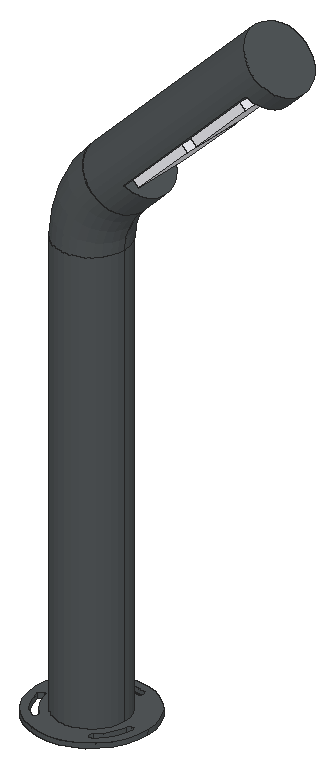
Revit family "Дио_мини", category Осветительные приборы, Revit 2019 (continued)
Parameters (values of type "ДТУ932 Светодиодный светильник Дио мини ДТУ-93-AF-12Вт-0,9")
    27.1 430.2 432.4 434.4 436.5 438.6 440.8 443.2 445.9 447.4 449.2 450.8 452.0 453.1 454.6 455.6 456.3\r\n 456.5 456.0 454.9 452.9 449.8 446.4 442.4 437.2 432.3 427.3 421.9 417.1 411.5 406.8 402.4 398.4 394.8 390.4 386.5 381.5 377.2\r\n 372.5 367.1 360.7 353.0 345.1 336.9 329.1 320.7 312.2 302.8 293.7 285.1 276.6 267.4 257.5 247.7 236.1 223.5 209.0 194.7 180.5\r\n 167.9 156.3 145.0 133.4 121.7 109.6 98.5 88.2 79.2 70.8 63.0 55.7 48.8 42.7 37.7 33.6 30.4 27.8 25.4 23.4 21.5 19.7 18.0 16.2\r\n 14.4 12.8 11.3 10.1 9.1 8.3 7.4 6.6 5.9 5.3 4.7 4.3 3.9 3.6 3.2 2.9 2.7 2.5 2.3 2.2 2.1 2.1 2.0 1.9 1.8 1.8 1.8 1.7 1.6 1.3 0.2\r\n 0.0 0.0 0.0 0.0 0.0 0.0 0.0 0.0 0.0 0.0 0.0 0.0 0.0 0.0 0.0 0.0 0.0 0.0 0.0 0.0 0.0 0.0 0.0 0.0 0.0 0.0 0.0 0.0 0.0 0.0 0.0 0.0\r\n 0.0 0.0 0.0 0.0 0.0 0.0 0.0 0.0 0.0 0.0 0.0 0.0 0.0 0.0 0.0 0.0 0.0 0.0 0.0 0.0 0.0 0.0 0.0 0.0 0.0 0.0 0.0 0.0 0.0 0.0 0.0 0.0\r\n 0.0 0.0 0.0 0.0 0.0 0.0 0.0 0.0 0.0 0.0 0.0 0.0 0.0 0.0 0.0 0.0 0.0 0.0 0.0 0.0 0.0 0.0 0.0 0.0 0.0 0.0 0.0 0.0 0.0 0.0 0.0 0.0\r\n 0.0 0.0 0.0 0.0 0.0 0.0 0.0 0.0 0.0 0.0 0.0 0.0 0.0 0.0 0.0 0.0 0.0 0.0 0.0 0.0 0.0 0.0 0.0 0.0 0.0 0.0 0.0 0.0 0.0 0.0 0.0 0.0\r\n 0.0 0.0 0.0 0.0 0.0 0.0 0.0 0.0 0.0 0.0 0.0 0.0 0.0 0.0 0.0 0.0 0.0 0.0 0.0 0.0 0.0 0.0 0.0 0.0 0.0 0.0 0.0 0.0 0.0 0.0 0.0\r\n258.3 260.5 261.6 263.0 264.5 266.1 267.8 269.5 271.5 273.5 275.4 277.4 279.5 281.9 284.2 286.7 289.0 291.4 293.8 296.3 298.6\r\n 301.1 303.5 305.8 307.9 310.0 312.1 314.1 316.1 318.1 320.1 322.0 323.8 325.5 327.1 328.9 330.8 332.4 334.1 335.6 337.2 338.8\r\n 340.2 341.8 343.2 344.7 346.0 347.3 348.6 349.9 351.1 352.5 353.7 355.1 356.4 357.9 359.4 361.2 363.0 365.0 367.2 369.3 371.5\r\n 373.7 375.9 378.0 380.4 383.0 385.7 388.3 391.0 393.4 395.9 398.2 400.3 402.0 403.3 404.6 405.6 406.5 407.5 408.0 408.4 408.9\r\n 408.8 409.0 409.5 410.7 412.5 414.7 416.6 418.1 419.1 420.5 422.3 423.7 424.8 426.3 426.5 426.7 426.7 426.0 426.3 425.2 424.0\r\n 422.3 419.1 416.5 411.7 406.9 400.9 395.2 389.3 383.2 377.7 371.9 366.6 361.2 356.3 351.4 346.9 342.5 338.8 335.1 331.5 327.8\r\n 324.1 320.0 316.0 311.3 305.9 298.7 291.1 282.1 272.3 261.5 249.8 238.0 226.6 216.4 207.3 198.1 188.1 177.1 165.1 153.2 140.9\r\n 129.1 117.7 107.0 97.0 87.2 78.3 70.1 62.5 55.4 49.3 43.8 39.2 35.2 32.0 29.5 27.4 25.4 23.7 22.2 20.5 19.0 18.0 16.8 15.6 14.4\r\n 13.1 11.9 10.9 9.8 9.0 8.2 7.1 6.2 5.4 4.8 4.4 4.0 3.6 3.2 2.9 2.6 2.3 2.2 2.0 1.9 1.8 1.8 1.7 1.7 1.6 1.5 1.5 1.3 1.0 0.1 0.0\r\n 0.0 0.0 0.0 0.0 0.0 0.0 0.0 0.0 0.0 0.0 0.0 0.0 0.0 0.0 0.0 0.0 0.0 0.0 0.0 0.0 0.0 0.0 0.0 0.0 0.0 0.0 0.0 0.0 0.0 0.0 0.0 0.0\r\n 0.0 0.0 0.0 0.0 0.0 0.0 0.0 0.0 0.0 0.0 0.0 0.0 0.0 0.0 0.0 0.0 0.0 0.0 0.0 0.0 0.0 0.0 0.0 0.0 0.0 0.0 0.0 0.0 0.0 0.0 0.0 0.0\r\n 0.0 0.0 0.0 0.0 0.0 0.0 0.0 0.0 0.0 0.0 0.0 0.0 0.0 0.0 0.0 0.0 0.0 0.0 0.0 0.0 0.0 0.0 0.0 0.0 0.0 0.0 0.0 0.0 0.0 0.0 0.0 0.0\r\n 0.0 0.0 0.0 0.0 0.0 0.0 0.0 0.0 0.0 0.0 0.0 0.0 0.0 0.0 0.0 0.0 0.0 0.0 0.0 0.0 0.0 0.0 0.0 0.0 0.0 0.0 0.0 0.0 0.0 0.0 0.0 0.0\r\n 0.0 0.0 0.0 0.0 0.0 0.0 0.0 0.0 0.0 0.0 0.0 0.0 0.0 0.0 0.0 0.0 0.0 0.0 0.0 0.0 0.0 0.0 0.0 0.0 0.0 0.0 0.0 0.0 0.0 0.0\r\n258.3 260.8 262.2 263.6 265.4 267.3 269.2 271.2 273.4 275.7 278.0 280.4 283.0 285.6 288.4 291.1 293.8 296.5 299.3 302.0 304.8\r\n 307.5 310.0 312.4 314.7 316.9 319.0 321.2 323.4 325.5 327.5 329.4 331.3 333.3 335.1 336.9 338.6 340.2 341.9 343.5 345.2 346.6\r\n 348.1 349.6 351.0 352.3 353.5 354.8 355.9 357.0 358.2 359.3 360.5 361.6 362.7 364.1 365.4 366.9 368.5 369.9 371.6 373.1 374.8\r\n 376.3 378.2 380.5 383.0 385.6 387.9 390.0 392.1 393.9 395.8 397.1 397.9 398.6 398.3 397.9 397.5 396.8 395.9 394.3 392.6 390.9\r\n 389.1 387.9 387.1 386.8 386.9 387.4 388.2 388.1 387.8 387.2 386.9 386.5 385.7 384.5 382.5 379.9 376.9 374.0 371.1 368.0 364.4\r\n 360.4 355.6 350.1 344.1 337.8 331.7 325.8 320.5 315.5 311.0 306.8 302.9 299.1 295.2 291.6 288.0 285.2 281.8 278.9 275.4 271.4\r\n 267.3 262.4 257.5 251.0 243.6 235.9 227.8 220.6 213.4 205.6 198.0 189.9 181.5 172.3 161.7 150.9 140.3 129.4 118.6 108.5 98.7 89.0\r\n 79.7 70.7 62.8 55.8 49.8 44.9 41.0 38.0 35.2 32.7 30.4 28.5 26.9 25.5 24.0 22.6 21.5 20.3 19.3 18.3 17.4 16.4 15.4 14.3 13.3 12.2\r\n 11.2 10.1 9.3 8.5 7.7 6.8 5.9 5.3 4.8 4.4 3.9 3.4 3.0 2.7 2.3 2.1 1.9 1.7 1.6 1.5 1.5 1.4 1.3 1.3 1.1 1.0 0.9 0.2 0.0 0.0 0.0 0.0\r\n 0.0 0.0 0.0 0.0 0.0 0.0 0.0 0.0 0.0 0.0 0.0 0.0 0.0 0.0 0.0 0.0 0.0 0.0 0.0 0.0 0.0 0.0 0.0 0.0 0.0 0.0 0.0 0.0 0.0 0.0 0.0 0.0\r\n 0.0 0.0 0.0 0.0 0.0 0.0 0.0 0.0 0.0 0.0 0.0 0.0 0.0 0.0 0.0 0.0 0.0 0.0 0.0 0.0 0.0 0.0 0.0 0.0 0.0 0.0 0.0 0.0 0.0 0.0 0.0 0.0\r\n 0.0 0.0 0.0 0.0 0.0 0.0 0.0 0.0 0.0 0.0 0.0 0.0 0.0 0.0 0.0 0.0 0.0 0.0 0.0 0.0 0.0 0.0 0.0 0.0 0.0 0.0 0.0 0.0 0.0 0.0 0.0 0.0\r\n 0.0 0.0 0.0 0.0 0.0 0.0 0.0 0.0 0.0 0.0 0.0 0.0 0.0 0.0 0.0 0.0 0.0 0.0 0.0 0.0 0.0 0.0 0.0 0.0 0.0 0.0 0.0 0.0 0.0 0.0 0.0 0.0\r\n 0.0 0.0 0.0 0.0 0.0 0.0 0.0 0.0 0.0 0.0 0.0 0.0 0.0 0.0 0.0 0.0 0.0 0.0 0.0 0.0 0.0 0.0 0.0 0.0 0.0 0.0 0.0\r\n258.3 261.1 262.6 264.4 266.2 268.3 270.6 272.9 275.4 277.8 280.6 283.5 286.4 289.5 292.6 295.7 298.7 301.8 304.7 307.7 310.6\r\n 313.3 315.9 318.5 320.9 323.4 325.7 328.0 330.3 332.4 334.5 336.6 338.5 340.4 342.3 344.1 345.9 347.5 349.0 350.6 352.1 353.6\r\n 354.9 356.2 357.5 358.6 359.8 360.7 361.6 362.5 363.4 364.3 365.2 366.2 367.2 368.2 369.2 370.0 370.9 372.0 373.1 374.3 375.5\r\n 377.0 378.5 380.0 381.5 382.8 384.0 385.2 386.3 387.2 387.6 387.5 386.8 385.7 384.0 382.1 379.7 377.0 374.0 370.9 367.9 364.9\r\n 362.2 359.9 358.1 356.2 354.8 353.7 352.5 350.8 348.8 346.8 344.4 341.9 339.2 335.9 331.9 327.5 322.7 317.5 311.9 306.3 300.0\r\n 293.8 287.1 280.4 274.2 267.6 261.4 255.2 249.7 244.0 238.8 233.9 229.2 225.1 221.0 217.6 214.3 210.7 207.7 203.8 200.1 196.3\r\n 191.8 187.6 182.8 177.0 171.1 164.8 157.6 150.6 143.9 136.9 130.3 123.5 116.0 107.9 99.9 91.7 83.0 74.8 68.0 61.9 56.4 51.9 48.3\r\n 45.0 41.8 38.9 36.4 34.0 31.8 30.0 28.2 26.7 25.4 24.1 22.9 21.9 20.9 19.9 19.1 18.4 17.6 16.8 16.2 15.4 14.6 13.6 12.5 11.5 10.6\r\n 9.7 8.8 8.1 7.4 6.6 5.9 5.3 4.8 4.4 3.9 3.4 2.9 2.5 2.1 1.8 1.6 1.5 1.4 1.3 1.2 1.2 1.1 1.0 0.9 0.8 0.7 0.1 0.0 0.0 0.0 0.0 0.0\r\n 0.0 0.0 0.0 0.0 0.0 0.0 0.0 0.0 0.0 0.0 0.0 0.0 0.0 0.0 0.0 0.0 0.0 0.0 0.0 0.0 0.0 0.0 0.0 0.0 0.0 0.0 0.0 0.0 0.0 0.0 0.0 0.0\r\n 0.0 0.0 0.0 0.0 0.0 0.0 0.0 0.0 0.0 0.0 0.0 0.0 0.0 0.0 0.0 0.0 0.0 0.0 0.0 0.0 0.0 0.0 0.0 0.0 0.0 0.0 0.0 0.0 0.0 0.0 0.0 0.0\r\n 0.0 0.0 0.0 0.0 0.0 0.0 0.0 0.0 0.0 0.0 0.0 0.0 0.0 0.0 0.0 0.0 0.0 0.0 0.0 0.0 0.0 0.0 0.0 0.0 0.0 0.0 0.0 0.0 0.0 0.0 0.0 0.0\r\n 0.0 0.0 0.0 0.0 0.0 0.0 0.0 0.0 0.0 0.0 0.0 0.0 0.0 0.0 0.0 0.0 0.0 0.0 0.0 0.0 0.0 0.0 0.0 0.0 0.0 0.0 0.0 0.0 0.0 0.0 0.0 0.0\r\n 0.0 0.0 0.0 0.0 0.0 0.0 0.0 0.0 0.0 0.0 0.0 0.0 0.0 0.0 0.0 0.0 0.0 0.0 0.0 0.0 0.0 0.0 0.0 0.0 0.0 0.0\r\n258.3 261.5 263.1 265.0 267.0 269.3 271.8 274.3 277.0 279.9 282.9 286.1 289.4 292.8 296.0 299.4 302.8 306.2 309.3 312.2 315.1\r\n 317.8 320.7 323.5 326.2 328.7 331.1 333.6 336.0 338.3 340.4 342.5 344.5 346.5 348.3 350.1 351.7 353.4 355.1 356.5 357.9 359.1\r\n 360.4 361.4 362.2 363.2 364.0 364.6 365.2 365.9 366.5 367.2 367.8 368.4 369.0 369.4 369.8 370.2 370.5 371.1 372.0 372.9 373.9\r\n 374.8 375.5 376.2 376.6 377.0 377.3 377.4 377.2 376.4 375.3 373.5 371.1 368.4 365.2 362.0 358.1 353.9 349.7 345.4 341.1 337.1\r\n 333.4 329.9 326.5 323.6 320.9 318.5 315.6 312.7 309.1 304.9 300.8 296.4 291.9 286.9 281.3 275.1 268.5 261.5 254.5 247.6 240.8\r\n 234.0 227.4 220.8 214.9 209.4 203.9 198.6 193.4 188.5 183.7 178.9 174.5 170.3 166.0 161.9 157.8 153.2 148.9 144.7 140.1 135.4\r\n 131.0 125.9 120.6 115.8 110.7 105.0 99.8 94.5 89.0 83.3 78.7 74.2 69.6 64.8 61.0 57.3 53.8 50.4 47.6 45.0 42.5 40.2 38.0 36.1\r\n 34.3 32.6 30.9 29.4 27.8 26.3 25.0 23.9 22.9 21.8 20.8 19.8 19.0 18.2 17.6 17.0 16.5 15.9 15.4 14.8 14.1 13.2 12.3 11.4 10.5 9.6\r\n 8.9 8.2 7.5 6.8 6.1 5.5 4.9 4.4 3.8 3.3 2.7 2.2 1.8 1.5 1.3 1.2 1.1 1.0 1.0 0.9 0.8 0.7 0.6 0.6 0.5 0.1 0.0 0.0 0.0 0.0 0.0 0.0\r\n 0.0 0.0 0.0 0.0 0.0 0.0 0.0 0.0 0.0 0.0 0.0 0.0 0.0 0.0 0.0 0.0 0.0 0.0 0.0 0.0 0.0 0.0 0.0 0.0 0.0 0.0 0.0 0.0 0.0 0.0 0.0 0.0\r\n 0.0 0.0 0.0 0.0 0.0 0.0 0.0 0.0 0.0 0.0 0.0 0.0 0.0 0.0 0.0 0.0 0.0 0.0 0.0 0.0 0.0 0.0 0.0 0.0 0.0 0.0 0.0 0.0 0.0 0.0 0.0 0.0\r\n 0.0 0.0 0.0 0.0 0.0 0.0 0.0 0.0 0.0 0.0 0.0 0.0 0.0 0.0 0.0 0.0 0.0 0.0 0.0 0.0 0.0 0.0 0.0 0.0 0.0 0.0 0.0 0.0 0.0 0.0 0.0 0.0\r\n 0.0 0.0 0.0 0.0 0.0 0.0 0.0 0.0 0.0 0.0 0.0 0.0 0.0 0.0 0.0 0.0 0.0 0.0 0.0 0.0 0.0 0.0 0.0 0.0 0.0 0.0 0.0 0.0 0.0 0.0 0.0 0.0\r\n 0.0 0.0 0.0 0.0 0.0 0.0 0.0 0.0 0.0 0.0 0.0 0.0 0.0 0.0 0.0 0.0 0.0 0.0 0.0 0.0 0.0 0.0 0.0 0.0 0.0\r\n258.3 261.9 263.5 265.6 267.8 270.3 273.0 275.6 278.8 281.8 285.3 288.6 292.4 295.9 299.6 303.2 307.0 310.3 313.5 316.6 319.7\r\n 322.6 325.6 328.4 331.2 333.9 336.6 339.1 341.6 344.0 346.1 348.3 350.4 352.3 354.1 355.9 357.5 359.0 360.5 361.7 363.0 363.9\r\n 364.6 365.3 365.9 366.4 366.8 367.1 367.5 367.8 368.1 368.5 368.5 368.7 368.5 368.4 368.4 368.5 368.9 369.4 369.9 370.1 370.2\r\n 370.1 370.0 369.9 369.9 369.7 369.3 368.4 367.1 365.3 363.0 359.9 356.2 352.6 348.7 344.2 339.2 333.8 328.7 323.5 318.9 314.8\r\n 310.7 306.9 303.0 299.3 296.0 292.3 287.9 282.9 277.1 270.6 263.4 256.4 248.9 241.0 233.3 225.3 217.0 209.6 202.3 195.2 188.8\r\n 182.5 176.3 171.4 166.2 160.7 156.1 151.1 146.2 142.5 138.9 135.0 131.6 128.4 124.7 120.8 117.4 113.7 109.3 105.1 101.2 97.0 92.3\r\n 88.0 83.8 79.3 74.8 70.9 67.4 63.9 60.5 57.2 54.6 52.2 50.0 47.9 46.0 44.2 42.5 40.8 39.0 37.3 35.5 33.8 32.0 30.4 28.8 27.2 25.8\r\n 24.5 23.3 22.3 21.3 20.5 19.7 19.0 18.3 17.5 16.8 16.1 15.5 14.9 14.4 13.9 13.3 12.6 11.8 11.1 10.3 9.5 8.9 8.4 7.8 7.2 6.6 6.0\r\n 5.6 5.1 4.6 4.1 3.4 2.9 2.3 1.9 1.5 1.3 1.1 0.9 0.9 0.8 0.7 0.6 0.6 0.5 0.5 0.4 0.4 0.0 0.0 0.0 0.0 0.0 0.0 0.0 0.0 0.0 0.0 0.0\r\n 0.0 0.0 0.0 0.0 0.0 0.0 0.0 0.0 0.0 0.0 0.0 0.0 0.0 0.0 0.0 0.0 0.0 0.0 0.0 0.0 0.0 0.0 0.0 0.0 0.0 0.0 0.0 0.0 0.0 0.0 0.0 0.0\r\n 0.0 0.0 0.0 0.0 0.0 0.0 0.0 0.0 0.0 0.0 0.0 0.0 0.0 0.0 0.0 0.0 0.0 0.0 0.0 0.0 0.0 0.0 0.0 0.0 0.0 0.0 0.0 0.0 0.0 0.0 0.0 0.0\r\n 0.0 0.0 0.0 0.0 0.0 0.0 0.0 0.0 0.0 0.0 0.0 0.0 0.0 0.0 0.0 0.0 0.0 0.0 0.0 0.0 0.0 0.0 0.0 0.0 0.0 0.0 0.0 0.0 0.0 0.0 0.0 0.0\r\n 0.0 0.0 0.0 0.0 0.0 0.0 0.0 0.0 0.0 0.0 0.0 0.0 0.0 0.0 0.0 0.0 0.0 0.0 0.0 0.0 0.0 0.0 0.0 0.0 0.0 0.0 0.0 0.0 0.0 0.0 0.0 0.0\r\n 0.0 0.0 0.0 0.0 0.0 0.0 0.0 0.0 0.0 0.0 0.0 0.0 0.0 0.0 0.0 0.0 0.0 0.0 0.0 0.0 0.0\r\n258.3 262.2 264.0 266.1 268.4 271.1 273.9 276.7 280.0 283.3 286.9 290.7 294.3 298.3 302.1 306.1 309.8 313.3 316.7 319.8 323.1\r\n 326.2 329.1 332.1 335.0 337.9 340.6 343.3 345.8 348.2 350.5 352.7 354.8 356.8 358.7 360.5 362.0 363.4 364.6 365.8 366.7 367.4\r\n 367.8 368.2 368.5 368.5 368.7 368.8 368.9 368.9 368.8 368.5 368.0 367.5 367.1 366.7 366.5 366.4 366.4 366.4 366.1 365.4 364.8\r\n 364.2 363.8 363.6 363.3 362.6 361.8 360.4 358.6 356.4 353.5 349.9 345.8 341.8 337.3 332.1 326.2 320.1 314.0 308.3 303.2 298.6\r\n 294.0 289.1 284.6 280.3 276.0 270.9 264.6 257.6 249.8 241.1 232.0 223.1 214.5 206.2 198.0 190.0 182.3 175.0 168.4 162.4 156.4\r\n 151.0 145.8 141.1 136.5 132.5 128.7 124.9 121.3 118.4 115.5 112.4 109.1 106.1 102.9 99.6 95.8 92.4 88.8 85.1 81.2 77.3 73.7 70.0\r\n 66.5 63.0 59.8 56.8 53.9 51.2 48.9 46.9 45.1 43.5 41.9 40.4 38.8 37.2 35.5 33.8 31.9 30.1 28.3 26.7 25.2 24.0 22.9 21.9 20.9 19.9\r\n 19.0 18.0 17.1 16.2 15.4 14.6 14.0 13.5 12.9 12.5 12.0 11.5 11.1 10.7 10.3 9.8 9.3 8.8 8.3 7.7 7.3 6.9 6.5 6.1 5.5 4.9 4.5 4.2\r\n 3.8 3.4 2.9 2.4 2.0 1.6 1.3 1.0 0.8 0.7 0.6 0.5 0.4 0.4 0.4 0.3 0.3 0.3 0.3 0.0 0.0 0.0 0.0 0.0 0.0 0.0 0.0 0.0 0.0 0.0 0.0 0.0\r\n 0.0 0.0 0.0 0.0 0.0 0.0 0.0 0.0 0.0 0.0 0.0 0.0 0.0 0.0 0.0 0.0 0.0 0.0 0.0 0.0 0.0 0.0 0.0 0.0 0.0 0.0 0.0 0.0 0.0 0.0 0.0 0.0\r\n 0.0 0.0 0.0 0.0 0.0 0.0 0.0 0.0 0.0 0.0 0.0 0.0 0.0 0.0 0.0 0.0 0.0 0.0 0.0 0.0 0.0 0.0 0.0 0.0 0.0 0.0 0.0 0.0 0.0 0.0 0.0 0.0\r\n 0.0 0.0 0.0 0.0 0.0 0.0 0.0 0.0 0.0 0.0 0.0 0.0 0.0 0.0 0.0 0.0 0.0 0.0 0.0 0.0 0.0 0.0 0.0 0.0 0.0 0.0 0.0 0.0 0.0 0.0 0.0 0.0\r\n 0.0 0.0 0.0 0.0 0.0 0.0 0.0 0.0 0.0 0.0 0.0 0.0 0.0 0.0 0.0 0.0 0.0 0.0 0.0 0.0 0.0 0.0 0.0 0.0 0.0 0.0 0.0 0.0 0.0 0.0 0.0 0.0\r\n 0.0 0.0 0.0 0.0 0.0 0.0 0.0 0.0 0.0 0.0 0.0 0.0 0.0 0.0 0.0 0.0 0.0 0.0 0.0\r\n258.3 262.5 264.5 266.6 269.0 271.8 274.7 277.6 281.2 284.9 288.6 292.7 296.7 300.6 304.7 308.8 312.5 316.0 319.7 323.0 326.4\r\n 329.6 332.8 335.9 338.9 341.7 344.6 347.3 349.8 352.3 354.5 356.7 359.0 361.1 362.7 364.4 365.9 367.1 368.1 369.1 369.6 370.0\r\n 370.2 370.3 370.2 370.2 370.1 370.0 369.8 369.3 368.5 367.8 367.0 366.2 365.4 364.8 364.3 363.7 363.3 362.3 361.3 360.4 359.7\r\n 359.2 358.8 358.3 357.7 356.7 355.5 353.8 351.5 348.5 344.7 340.1 335.5 331.0 326.1 320.4 314.1 307.6 301.4 295.5 289.9 284.6\r\n 279.1 273.7 268.4 263.3 257.6 250.6 242.4 233.3 223.8 214.0 204.6 195.9 187.4 179.1 171.0 163.3 156.1 149.5 143.9 139.2 135.0\r\n 130.8 126.6 122.6 119.1 116.1 113.7 111.3 108.9 106.4 104.0 101.4 98.6 95.4 92.0 88.5 84.9 81.2 77.5 73.5 69.5 65.7 62.0 58.5\r\n 55.3 52.4 50.1 48.0 46.1 44.4 42.9 41.5 40.1 38.5 36.8 35.0 33.0 31.0 29.0 27.2 25.8 24.6 23.6 22.7 21.8 20.9 20.0 19.0 17.8 16.7\r\n 15.6 14.6 13.7 12.9 12.3 11.8 11.3 10.8 10.4 9.9 9.6 9.2 8.9 8.6 8.2 7.9 7.5 7.0 6.4 6.0 5.7 5.3 4.8 4.4 3.9 3.5 3.1 2.8 2.6 2.4\r\n 2.0 1.7 1.4 1.1 0.9 0.7 0.5 0.4 0.4 0.3 0.3 0.3 0.3 0.3 0.3 0.3 0.3 0.1 0.0 0.0 0.0 0.0 0.0 0.0 0.0 0.0 0.0 0.0 0.0 0.0 0.0 0.0\r\n 0.0 0.0 0.0 0.0 0.0 0.0 0.0 0.0 0.0 0.0 0.0 0.0 0.0 0.0 0.0 0.0 0.0 0.0 0.0 0.0 0.0 0.0 0.0 0.0 0.0 0.0 0.0 0.0 0.0 0.0 0.0 0.0\r\n 0.0 0.0 0.0 0.0 0.0 0.0 0.0 0.0 0.0 0.0 0.0 0.0 0.0 0.0 0.0 0.0 0.0 0.0 0.0 0.0 0.0 0.0 0.0 0.0 0.0 0.0 0.0 0.0 0.0 0.0 0.0 0.0\r\n 0.0 0.0 0.0 0.0 0.0 0.0 0.0 0.0 0.0 0.0 0.0 0.0 0.0 0.0 0.0 0.0 0.0 0.0 0.0 0.0 0.0 0.0 0.0 0.0 0.0 0.0 0.0 0.0 0.0 0.0 0.0 0.0\r\n 0.0 0.0 0.0 0.0 0.0 0.0 0.0 0.0 0.0 0.0 0.0 0.0 0.0 0.0 0.0 0.0 0.0 0.0 0.0 0.0 0.0 0.0 0.0 0.0 0.0 0.0 0.0 0.0 0.0 0.0 0.0 0.0\r\n 0.0 0.0 0.0 0.0 0.0 0.0 0.0 0.0 0.0 0.0 0.0 0.0 0.0 0.0 0.0 0.0 0.0\r\n258.3 262.8 264.9 267.0 269.4 272.3 275.5 278.5 282.0 285.9 290.0 293.9 298.0 302.2 306.4 310.4 314.3 318.0 321.5 325.1 328.5\r\n 331.8 335.0 338.1 341.4 344.4 347.3 350.0 352.7 355.1 357.3 359.7 362.1 364.0 365.6 367.2 368.5 369.7 370.5 371.1 371.7 371.9\r\n 371.9 371.8 371.7 371.5 371.3 370.8 370.2 369.4 368.5 367.4 366.4 365.3 364.4 363.5 362.6 361.7 360.7 359.5 358.5 357.7 357.0\r\n 356.5 355.7 354.8 353.7 352.5 350.8 348.6 345.8 342.3 337.8 332.8 327.8 323.3 318.1 312.2 305.9 299.3 292.6 286.0 279.6 273.4\r\n 266.7 260.1 253.7 247.9 241.6 233.6 224.8 215.7 206.2 196.8 187.3 177.8 168.4 159.5 151.5 144.9 139.2 134.4 130.4 126.8 123.7\r\n 120.5 117.5 114.2 111.4 109.3 107.4 105.4 103.1 100.6 98.0 95.1 91.8 88.4 84.8 81.0 77.2 73.2 69.1 65.0 61.1 57.4 54.1 51.1 48.8\r\n 47.0 45.7 44.3 43.0 41.9 40.6 39.2 37.5 35.4 33.1 30.6 28.6 27.2 26.1 25.1 24.2 23.3 22.4 21.6 20.8 20.0 18.8 17.4 16.1 14.9 13.8\r\n 12.8 12.1 11.5 11.0 10.5 10.1 9.6 9.2 8.8 8.5 8.2 7.8 7.5 7.2 6.9 6.6 6.1 5.5 5.0 4.7 4.3 3.9 3.5 3.1 2.7 2.4 2.1 2.0 1.8 1.6 1.3\r\n 1.0 0.8 0.6 0.5 0.4 0.3 0.3 0.3 0.3 0.3 0.3 0.3 0.3 0.3 0.3 0.1 0.0 0.0 0.0 0.0 0.0 0.0 0.0 0.0 0.0 0.0 0.0 0.0 0.0 0.0 0.0 0.0\r\n 0.0 0.0 0.0 0.0 0.0 0.0 0.0 0.0 0.0 0.0 0.0 0.0 0.0 0.0 0.0 0.0 0.0 0.0 0.0 0.0 0.0 0.0 0.0 0.0 0.0 0.0 0.0 0.0 0.0 0.0 0.0 0.0\r\n 0.0 0.0 0.0 0.0 0.0 0.0 0.0 0.0 0.0 0.0 0.0 0.0 0.0 0.0 0.0 0.0 0.0 0.0 0.0 0.0 0.0 0.0 0.0 0.0 0.0 0.0 0.0 0.0 0.0 0.0 0.0 0.0\r\n 0.0 0.0 0.0 0.0 0.0 0.0 0.0 0.0 0.0 0.0 0.0 0.0 0.0 0.0 0.0 0.0 0.0 0.0 0.0 0.0 0.0 0.0 0.0 0.0 0.0 0.0 0.0 0.0 0.0 0.0 0.0 0.0\r\n 0.0 0.0 0.0 0.0 0.0 0.0 0.0 0.0 0.0 0.0 0.0 0.0 0.0 0.0 0.0 0.0 0.0 0.0 0.0 0.0 0.0 0.0 0.0 0.0 0.0 0.0 0.0 0.0 0.0 0.0 0.0 0.0\r\n 0.0 0.0 0.0 0.0 0.0 0.0 0.0 0.0 0.0 0.0 0.0 0.0 0.0 0.0 0.0\r\n258.3 263.1 265.2 267.5 270.0 272.9 276.1 279.3 282.8 286.8 291.0 295.4 299.6 303.8 308.0 312.2 316.0 319.9 323.6 327.1 330.5\r\n 334.0 337.3 340.6 343.9 346.9 349.7 352.5 355.3 357.8 360.1 362.4 364.5 366.4 368.1 369.5 370.6 371.6 372.3 372.9 373.2 373.2\r\n 373.1 372.9 372.7 372.4 372.0 371.3 370.3 369.4 368.4 367.1 365.9 364.7 363.7 362.5 361.4 360.3 359.1 358.0 357.0 356.3 355.7\r\n 355.1 354.1 353.0 351.7 350.2 348.4 345.8 342.4 338.3 333.2 327.9 322.8 317.8 312.1 305.7 298.8 291.6 284.2 277.0 270.0 262.8\r\n 254.8 246.6 239.3 232.5 225.3 217.3 209.3 200.7 1
